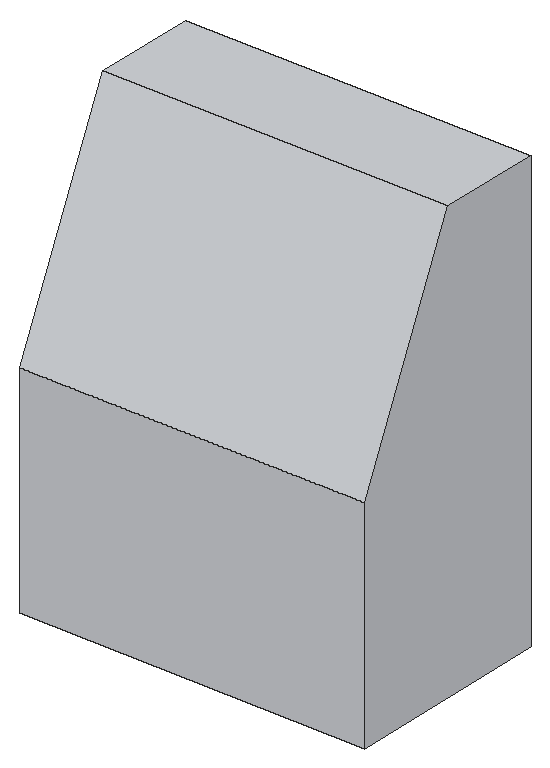
Revit family "01851-B", category Instalační zařizovací předměty, Revit 2016
Family settings
  Typ součásti = Normální
  Kóta kulaté spojky = Použít průměr
  Číslo OmniClass = 23.45.05.00
  Nadpis OmniClass = Sanitary Equipment
  Založené na pracovní rovině = Ne
  Vždy vertikální = Ano
  Ořezat dutým tvarem při načtení = Ne
  Sdílené = Ne
  Bod výpočtu místnosti = Ne
Parameters
  Warranty = "2"
  WIDTH = 253 mm
  WEIGHT = 4.90 kg
  Výrobce = "Nofer"
  Utility frequency = 0
  Surface finish = "Polish"
  Připojení ventilace = no
  Připojení odpadu = no
  Připojení HW = no
  Připojení CW = no
  Product URL link = "http://www.nofer.co.uk/en/collectives/handryers/fuga/01851-B"
  Power supply = 0 V
  Power input = 800 W
  Noise level = 72
  MATERIAL = none
  IP code = "IPX1"
  HEIGHT = 323 mm
  Electric class = "I"
  DEPTH = 152 mm
  Article number = "01851.B"
  Air temperature [°C] = 40 °C
  Air speed = 305.00 kg/m²
Reference planes
  plane 1 "Střed (vpředu/vzadu)": y = 0
  plane 2: z = 0
  plane 3 "Střed (vlevo/vpravo)": x = 0
  plane 4: z = 0
  plane 5: z = 323
  plane 6: y = -152
  plane 7: x = 126.5
  plane 8: x = -126.5
  plane 9: z = 161.5
  plane 10: y = -76
Forms (mm)
  Extrusion 1, solid, material <- "MATERIAL", detail levels medium+fine
    sketch origin (0, 0, 0) x (0, 1, 0) y (0, 0, 1)
      loop
        line (0, 323) -> (-76, 323) -> (-152, 161.5) -> (-152, 0) -> (0, 0) -> (0, 323)
    from -126.5 to 126.5
  Extrusion 2, solid, material <- "MATERIAL", detail levels coarse
    sketch origin (0, 0, 0) x (0, 1, 0) y (0, 0, 1)
      loop
        line (0, 323) -> (-152, 323) -> (-152, 0) -> (0, 0) -> (0, 323)
    from -126.5 to 126.5
Dimensions and locks
  equal spacing: plane 8, plane 3 "Střed (vlevo/vpravo)", plane 7
  "WIDTH": plane 8 to plane 7
  "DEPTH": plane 6 to plane 1 "Střed (vpředu/vzadu)"
  equal spacing: plane 5, plane 9, plane 4
  equal spacing: plane 1 "Střed (vpředu/vzadu)", plane 10, plane 6
  "DEPTH": plane 1 "Střed (vpředu/vzadu)" to plane 6
  "HEIGHT": plane 5 to level
  aligned and locked: level to plane 2
  aligned and locked: plane 5 to Extrusion 1 sketch curve
  aligned and locked: Extrusion 1 sketch curve to plane 1 "Střed (vpředu/vzadu)"
  aligned and locked: Extrusion 1 sketch curve to plane 4
  aligned and locked: Extrusion 1 sketch curve to plane 6
  aligned and locked: plane 10 to Extrusion 1 sketch curve
  aligned and locked: plane 9 to Extrusion 1 sketch curve
  aligned and locked: Extrusion 1 to plane 8
  aligned and locked: plane 7 to Extrusion 1
  aligned and locked: Extrusion 2 to plane 8
  aligned and locked: plane 7 to Extrusion 2
  aligned and locked: Extrusion 2 to level
Automatic sketch dimensions
  Extrusion 2 sketch curve to plane 5 = 0 mm
  Extrusion 2 sketch curve to plane 6 = 0 mm
  Extrusion 2 sketch curve to plane 1 "Střed (vpředu/vzadu)" = 0 mm
  level to Extrusion 2 sketch curve = 0 mm
